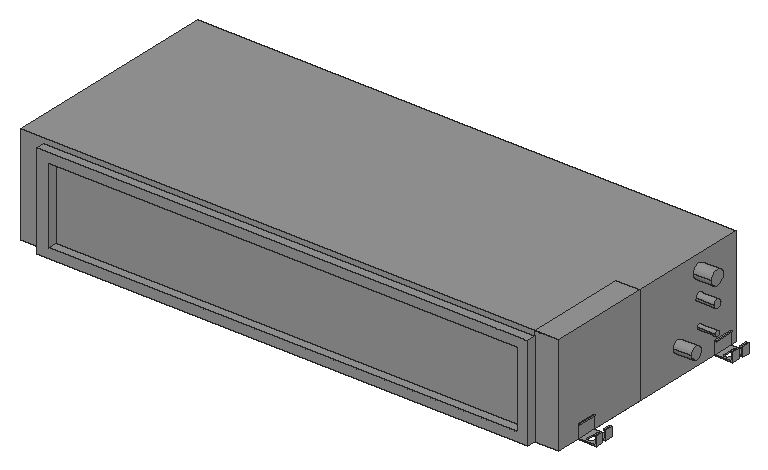
Revit family "Trane_TVR_Indoor_Medium static pressure_4TVD0024EF000AA(2nd DC)", category Equipamento mecânico, Revit 2019
Family settings
  Cota do conector redondo = Utilizar diâmetro
  Tipo de parte = Normal
  Número OmniClass = 23.75.00.00
  Título OmniClass = Climate Control (HVAC)
  Com base no plano de trabalho = Não
  Sempre na vertical = Sim
  Corte com vazios quando carregada = Não
  Compartilhado = Não
  Ponto de cálculo do ambiente = Não
Parameters (values of type "4TVD0024EF000AA")
  clearance access right = 600.000 mm
  clearance access left = 500.000 mm
  clearance access front = 0.000 mm
  clearance access behind = 0.000 mm
  clearance [instance] = no
  Width = 1220.000 mm
  URL = "https://www.trane.com/commercial/latin-america/br/pt.html"
  Series = "TVR ULTRA"
  Power supply = "220-240V ~50/60Hz"
  Net Weight = 27.50 kg
  Modelo = "4TVD0024EF000AA"
  Minimum Circuit Amps = 1.1 A
  Maximum Fuse Amps = 15 A
  Fabricante = "Trane"
  Machine material = grilles：ABS/HIPS
  Liquid pipe = 9.530 mm
  Installation = "Indoor installation"
  Height = 210.000 mm
  Heating Power Input = 98 W
  Heating Capacity = 8.00 kW
  Gas pipe = 15.900 mm
  Gas = "R410a"
  Descrição = "High efficiency air cooled"
  Depth = 500.000 mm
  Cooling Power Input = 98 W
  Cooling Capacity = 7.10 kW
  Condensation = "air"
  Air  Flow = "1000/960/900/840/780/720/680"
Reference planes
  plane 1 "Center(front/bcak)": y = 0
  plane 2: z = 0
  plane 3 "Center(Left/Right)": x = 0
  plane 4: z = 210
  plane 5: x = 570
Forms (mm)
  Extrusion 1, solid, material "grilles：ABS/HIPS" <- "Machine material", detail levels medium+fine
    sketch origin (0, 0, 0) x (1, 0, 0) y (0, 1, 0)
      loop
        line (0, 235) -> (-570, 235) -> (-570, -235) -> (570, -235) -> (570, 235) -> (0, 235)
    from 0 to 210
  Extrusion 2, solid, material "grilles：ABS/HIPS" <- "Machine material", detail levels fine
    sketch origin (0, 0, 0) x (1, 0, 0) y (0, 0, 1)
      loop
        line (-520, 200) -> (-520, 0) -> (520, 0) -> (520, 200) -> (-520, 200)
      loop
        line (-494.7, 180) -> (-494.7, 20) -> (499.257, 20) -> (499.257, 180) -> (-494.7, 180)
    from 235 to 255
  Extrusion 3, solid, material "grilles：ABS/HIPS" <- "Machine material", detail levels fine
    sketch origin (0, 510, 0) x (1, 0, 0) y (0, 0, 1)
      loop
        line (-475, 200) -> (-475, 0) -> (475, 0) -> (475, 200) -> (-475, 200)
      loop
        line (-469.298, 195.027) -> (-469.298, 5.508) -> (469.287, 5.508) -> (469.287, 195.027) -> (-469.298, 195.027)
    from 265 to 275
  Extrusion 4, solid, material "grilles：ABS/HIPS" <- "Machine material", detail levels fine
    sketch origin (0, 0, 0) x (0, 1, 0) y (0, 0, 1)
      loop
        circle (135, 180) r 15
    from 570 to 610
  Extrusion 5, solid, material "grilles：ABS/HIPS" <- "Machine material", detail levels fine
    sketch origin (0, 0, 0) x (0, 1, 0) y (0, 0, 1)
      loop
        circle (135, 130.396) r 7.95
    from 570 to 610
  Extrusion 6, solid, material "grilles：ABS/HIPS" <- "Machine material", detail levels fine
    sketch origin (0, 0, 0) x (0, 1, 0) y (0, 0, 1)
      loop
        circle (135, 73.557) r 4.765
    from 570 to 610
  Extrusion 7, solid, material "grilles：ABS/HIPS" <- "Machine material", detail levels fine
    sketch origin (0, 0, 0) x (0, 1, 0) y (0, 0, 1)
      loop
        circle (79.212, 61.022) r 12.5
    from 570 to 610
  Extrusion 8, solid, material "grilles：ABS/HIPS" <- "Machine material", detail levels fine
    sketch origin (0, 0, 0) x (1, 0, 0) y (0, 0, 1)
      loop
        line (570, 0) -> (570, 210) -> (520, 210) -> (520, 0) -> (570, 0)
    from 20 to 235
  Extrusion 9, solid, material "grilles：ABS/HIPS" <- "Machine material", detail levels fine
    sketch origin (0, 0, 0) x (0, 1, 0) y (0, 0, 1)
      loop
        circle (-154.402, 140.106) r 49
    from -570 to -535.482
Lines and regions (mm)
  model lines, detail levels fine
    curve 1: line (-494.7, -255, 180) -> (499.257, -255, 180)
    curve 2: line (-494.7, -255, 20) -> (-494.7, -255, 180)
    curve 3: line (500.818, -255, 20) -> (-494.7, -255, 20)
    curve 4: line (-494.7, -255, 20) -> (-334.7, -255, 180)
    curve 5: line (-434.7, -255, 20) -> (-274.7, -255, 180)
    curve 6: line (-374.7, -255, 20) -> (-214.7, -255, 180)
    curve 7: line (-314.7, -255, 20) -> (-154.7, -255, 180)
    curve 8: line (-254.7, -255, 20) -> (-94.7, -255, 180)
    curve 9: line (-194.7, -255, 20) -> (-34.7, -255, 180)
    curve 10: line (-494.7, -255, 140) -> (-454.7, -255, 180)
    curve 11: line (-494.7, -255, 80) -> (-394.7, -255, 180)
    curve 12: line (10.998, -255, 20) -> (-149.002, -255, 180)
    curve 13: line (-49.002, -255, 20) -> (-209.002, -255, 180)
    curve 14: line (-109.002, -255, 20) -> (-269.002, -255, 180)
    curve 15: line (-169.002, -255, 20) -> (-329.002, -255, 180)
    curve 16: line (-229.002, -255, 20) -> (-389.002, -255, 180)
    curve 17: line (-289.002, -255, 20) -> (-449.002, -255, 180)
    curve 18: line (-349.002, -255, 20) -> (-494.7, -255, 165.698)
    curve 19: line (-409.002, -255, 20) -> (-494.7, -255, 105.698)
    curve 20: line (-469.002, -255, 20) -> (-494.7, -255, 45.698)
    curve 32: line (65.3, -255, 20) -> (-94.7, -255, 180)
    curve 34: line (125.3, -255, 20) -> (-34.7, -255, 180)
    curve 35: line (185.3, -255, 20) -> (25.3, -255, 180)
    curve 36: line (245.3, -255, 20) -> (85.3, -255, 180)
    curve 37: line (305.3, -255, 20) -> (145.3, -255, 180)
    curve 38: line (365.3, -255, 20) -> (205.3, -255, 180)
    curve 39: line (425.3, -255, 20) -> (265.3, -255, 180)
    curve 40: line (485.3, -255, 20) -> (325.3, -255, 180)
    curve 41: line (499.257, -255, 66.042) -> (385.3, -255, 180)
    curve 42: line (499.257, -255, 126.042) -> (445.3, -255, 180)
    curve 43: line (-134.7, -255, 20) -> (25.3, -255, 180)
    curve 44: line (-74.7, -255, 20) -> (85.3, -255, 180)
    curve 45: line (-14.7, -255, 20) -> (145.3, -255, 180)
    curve 46: line (45.3, -255, 20) -> (205.3, -255, 180)
    curve 47: line (105.3, -255, 20) -> (265.3, -255, 180)
    curve 48: line (165.3, -255, 20) -> (325.3, -255, 180)
    curve 49: line (225.3, -255, 20) -> (385.3, -255, 180)
    curve 50: line (285.3, -255, 20) -> (445.3, -255, 180)
    curve 51: line (345.3, -255, 20) -> (499.257, -255, 173.958)
    curve 52: line (405.3, -255, 20) -> (499.257, -255, 113.958)
    curve 53: line (465.3, -255, 20) -> (499.257, -255, 53.958)
  model lines
    curve 21: line (570, -235, 210) -> (-570, -235, 210)
    curve 22: line (-570, -235, 210) -> (-570, 235, 210)
    curve 23: line (-570, 235, 210) -> (570, 235, 210)
    curve 24: line (570, 235, 0) -> (-570, 235, 0)
    curve 25: line (-570, 235, 0) -> (-570, -235, 0)
    curve 26: line (-570, -235, 0) -> (570, -235, 0)
    curve 27: line (-570, -235, 210) -> (-570, -235, 0)
    curve 28: line (570, -235, 210) -> (570, 235, 210)
    curve 29: line (570, 235, 210) -> (570, 235, 0)
    curve 30: line (570, 235, 0) -> (570, -235, 0)
    curve 31: line (570, -235, 0) -> (570, -235, 210)
    curve 33: line (-570, 235, 210) -> (-570, 235, 0)
Dimensions and locks
  "Height": plane 4 to level
  "Depth": Extrusion 3 to Extrusion 2
  "Liquid pipe": diameter of Extrusion 6
  "Gas pipe": diameter of Extrusion 5
  aligned and locked: level to plane 2
Automatic sketch dimensions
  Extrusion 1 sketch curve to plane 3 "Center(Left/Right)" = 0.000 mm
  plane 1 "Center(front/bcak)" to Extrusion 1 sketch curve = 235.000 mm
  Extrusion 1 sketch curve to plane 3 "Center(Left/Right)" = 570.000 mm
  plane 3 "Center(Left/Right)" to Extrusion 1 sketch curve = 570.000 mm
  Extrusion 1 sketch curve to plane 1 "Center(front/bcak)" = 235.000 mm
  Extrusion 2 sketch curve to level = 0.000 mm
  Extrusion 2 sketch curve to plane 3 "Center(Left/Right)" = 520.000 mm
  level to Extrusion 2 sketch curve = 20.000 mm
  Extrusion 2 sketch curve to Extrusion 2 sketch curve = 25.300 mm
  plane 4 to Extrusion 2 sketch curve = 30.000 mm
  plane 3 "Center(Left/Right)" to Extrusion 2 sketch curve = 499.257 mm
  plane 4 to Extrusion 2 sketch curve = 10.000 mm
  Extrusion 2 sketch curve to Extrusion 2 sketch curve = 20.743 mm
  Extrusion 3 sketch curve to level = 0.000 mm
  Extrusion 3 sketch curve to plane 3 "Center(Left/Right)" = 475.000 mm
  level to Extrusion 3 sketch curve = 5.508 mm
  Extrusion 3 sketch curve to Extrusion 3 sketch curve = 5.702 mm
  plane 4 to Extrusion 3 sketch curve = 14.973 mm
  plane 3 "Center(Left/Right)" to Extrusion 3 sketch curve = 469.287 mm
  Extrusion 3 sketch curve to Extrusion 3 sketch curve = 5.713 mm
  Extrusion 3 sketch curve to Extrusion 3 sketch curve = 4.973 mm
  plane 4 to Extrusion 4 sketch curve = 30.000 mm
  Extrusion 4 sketch curve to plane 1 "Center(front/bcak)" = 135.000 mm
  Extrusion 5 sketch curve to plane 1 "Center(front/bcak)" = 135.000 mm
  plane 4 to Extrusion 5 sketch curve = 79.604 mm
  Extrusion 6 sketch curve to plane 1 "Center(front/bcak)" = 135.000 mm
  level to Extrusion 6 sketch curve = 73.557 mm
  Extrusion 7 sketch curve to plane 1 "Center(front/bcak)" = 79.212 mm
  level to Extrusion 7 sketch curve = 61.022 mm
  curve 21 to Extrusion 1 = 0.000 mm  (x3)
  curve 22 to Extrusion 1 = 0.000 mm
  curve 23 to Extrusion 1 = 0.000 mm
  curve 24 to Extrusion 1 = 0.000 mm  (x2)
  curve 25 to Extrusion 1 = 0.000 mm  (x2)
  curve 26 to Extrusion 1 = 0.000 mm
  curve 27 to Extrusion 1 = 0.000 mm  (x3)
  Extrusion 1 to curve 28 = 0.000 mm
  curve 28 to Extrusion 1 = 0.000 mm
  curve 30 to Extrusion 1 = 0.000 mm  (x2)
  Extrusion 8 sketch curve to level = 0.000 mm
  Extrusion 8 sketch curve to plane 4 = 0.000 mm
  plane 3 "Center(Left/Right)" to Extrusion 8 sketch curve = 520.000 mm
  Extrusion 8 sketch curve to Extrusion 8 sketch curve = 50.000 mm
  plane 4 to Extrusion 9 sketch curve = 69.894 mm
  plane 1 "Center(front/bcak)" to Extrusion 9 sketch curve = 154.402 mm
  curve 33 to Extrusion 1 = 0.000 mm  (x3)
  curve 1 to Extrusion 2 = 0.000 mm  (x2)
  curve 43 to Extrusion 2 = 0.000 mm
  curve 3 to Extrusion 2 = 0.000 mm
  Extrusion 2 to curve 41 = 0.000 mm
  Extrusion 2 to curve 51 = 0.000 mm
  Extrusion 2 to curve 42 = 0.000 mm
  Extrusion 2 to curve 52 = 0.000 mm
  Extrusion 2 to curve 53 = 0.000 mm
  Extrusion 2 to curve 43 = 473.958 mm
  curve 2 to curve 20 = 25.698 mm  (x2)
  curve 1 to curve 10 = 40.000 mm
  curve 10 to curve 17 = 5.698 mm
  curve 20 to curve 5 = 34.302 mm
  curve 5 to curve 19 = 25.698 mm
  curve 17 to curve 11 = 54.302 mm
  curve 11 to curve 16 = 5.698 mm
  curve 19 to curve 6 = 34.302 mm
  curve 6 to curve 18 = 25.698 mm
  curve 16 to curve 4 = 54.302 mm
  curve 4 to curve 15 = 5.698 mm
  curve 18 to curve 7 = 34.302 mm
  curve 7 to curve 17 = 25.698 mm
  curve 15 to curve 5 = 54.302 mm
  curve 5 to curve 14 = 5.698 mm
  curve 17 to curve 8 = 34.302 mm
  curve 8 to curve 16 = 25.698 mm
  curve 14 to curve 6 = 54.302 mm
  curve 6 to curve 13 = 5.698 mm
  curve 16 to curve 9 = 34.302 mm
  curve 9 to curve 15 = 25.698 mm
  curve 13 to curve 7 = 54.302 mm
  curve 7 to curve 12 = 5.698 mm
  curve 15 to curve 43 = 34.302 mm
  curve 43 to curve 14 = 25.698 mm
  curve 12 to curve 8 = 54.302 mm
  curve 32 to curve 8 = 0.000 mm
  curve 14 to curve 44 = 34.302 mm
  curve 44 to curve 13 = 25.698 mm
  curve 8 to curve 9 = 60.000 mm
  curve 34 to curve 9 = 0.000 mm
  curve 13 to curve 45 = 34.302 mm
  curve 45 to curve 12 = 25.698 mm
  curve 12 to curve 46 = 34.302 mm
  curve 46 to curve 32 = 20.000 mm
  curve 35 to curve 44 = 60.000 mm
  curve 36 to curve 44 = 0.000 mm
  curve 32 to curve 47 = 40.000 mm
  curve 47 to curve 34 = 20.000 mm
  curve 36 to curve 37 = 60.000 mm
  curve 45 to curve 37 = 0.000 mm
  curve 48 to curve 35 = 20.000 mm
  curve 37 to curve 38 = 60.000 mm
  curve 46 to curve 38 = 0.000 mm
  curve 35 to curve 49 = 40.000 mm
  curve 49 to curve 36 = 20.000 mm
  curve 38 to curve 39 = 60.000 mm
  curve 47 to curve 39 = 0.000 mm
  curve 36 to curve 50 = 40.000 mm
  curve 50 to curve 37 = 20.000 mm
  curve 39 to curve 40 = 60.000 mm
  curve 48 to curve 40 = 0.000 mm
  curve 37 to curve 51 = 40.000 mm
  curve 51 to curve 38 = 20.000 mm
  curve 40 to curve 41 = 60.000 mm
  curve 49 to curve 41 = 0.000 mm
  curve 38 to curve 52 = 40.000 mm
  curve 52 to curve 39 = 20.000 mm
  Extrusion 2 to curve 50 = 53.958 mm
  curve 42 to curve 50 = 0.000 mm
  Extrusion 2 to curve 53 = 33.958 mm  (x2)
  Extrusion 2 to curve 40 = 13.958 mm
  curve 3 to Extrusion 2 = 1.561 mm
  curve 53 to curve 41 = 12.085 mm
  curve 20 to curve 11 = 34.302 mm
  curve 11 to curve 19 = 25.698 mm
  curve 41 to curve 52 = 47.915 mm
  curve 52 to curve 42 = 12.085 mm
  curve 19 to curve 10 = 34.302 mm
  Extrusion 2 to curve 18 = 14.302 mm
  Extrusion 2 to curve 51 = 6.042 mm
  radius of Extrusion 4 sketch curve = 15.000 mm
  radius of Extrusion 5 sketch curve = 7.950 mm
  radius of Extrusion 6 sketch curve = 4.765 mm
  radius of Extrusion 7 sketch curve = 12.500 mm
  radius of Extrusion 9 sketch curve = 49.000 mm
Nested families
  nested 1: "Beautiful-Lagou" at (570, -185, 0) x (0, 1, 0) z (0, 0, 1), type "Lagou-HXL", detail levels fine
  nested 2: "Beautiful-Lagou" at (570, 176.991, 0) x (0, 1, 0) z (0, 0, 1), type "Lagou-HXL", detail levels fine
  nested 3: "Beautiful-Lagou" at (-570, 216.991, 0) x (0, -1, 0) z (0, 0, 1), type "Lagou-HXL", detail levels fine
  nested 4: "Beautiful-Lagou" at (-570, -145, 0) x (0, -1, 0) z (0, 0, 1), type "Lagou-HXL", detail levels fine
Connectors
  piping at (610, 79.212, 61.022), diameter 25
    settings: on Extrusion 7, index 11, connector inside diameter 25 mm, connector length 0.000 mm, flow factor 0, pipe flow 0.0 m³/h, pressure drop 0.0 Pa, fitting loss kfactor 0, connector angle 0.00°, fixture units 0, engagement length 0.000 mm, angle of deflection 0.00°, flow configuration 1, flow direction 2, fitting loss method 0, system type 29, joint type 0, gender type 0, connector reference index -1, connector utility 0, adjustable connector no, is connector primary yes, connector description "Drain pipe OD Φ 25mm"
  piping at (610, 135, 73.557), diameter 9.53
    settings: on Extrusion 6, index 16, connector inside diameter 9.53 mm, connector length 0.000 mm, flow factor 0, pipe flow 0.0 m³/h, pressure drop 0.0 Pa, fitting loss kfactor 0, connector angle 0.00°, fixture units 0, engagement length 0.000 mm, angle of deflection 0.00°, flow configuration 1, flow direction 0, fitting loss method 4, system type 22, joint type 0, gender type 0, connector reference index -1, connector utility 0, adjustable connector no, is connector primary no, connector description "Liquid pipe Φ9.53mm"
  piping at (610, 135, 130.396), diameter 15.9
    settings: on Extrusion 5, index 17, connector inside diameter 15.9 mm, connector length 0.000 mm, flow factor 0, pipe flow 0.0 m³/h, pressure drop 0.0 Pa, fitting loss kfactor 0, connector angle 0.00°, fixture units 0, engagement length 0.000 mm, angle of deflection 0.00°, flow configuration 1, flow direction 0, fitting loss method 4, system type 22, joint type 0, gender type 0, connector reference index -1, connector utility 0, adjustable connector no, is connector primary no, connector description "Gas pipe Φ15.9mm"
  electrical at (570, -127.5, 105)
    settings: on Extrusion 8, index 18, voltage 220 V, apparent load 0 VA, apparent load phase1 0 VA, apparent load phase2 0 VA, apparent load phase3 0 VA, power factor 1, load classification "Other", number of poles 1, system type 30, power factor state 1, is connector primary yes, connector utility no, sub classification motor no, connector description "The location of electrical connectors is not the same as the actual location because the wiring terminal is inside the unit."
  hvac at (-570, -154.402, 140.106)
    settings: on Extrusion 9, index 21, duct flow 0.0 m³/h, flow factor 0, pres drop 0.0 Pa, loss coef 0, conn angle 0.00°, conn width 304.8 mm, conn height 304.8 mm, conn diameter 98 mm, duct sys type 4, conn prof type 0, flow config 0, flow direction 0, loss method 0, conn ref index -1, conn util no, is conn primary yes, conn desc ""
  hvac at (0, -255, 100)
    settings: on Extrusion 2, index 22, duct flow 0.0 m³/h, flow factor 0, pres drop 0.0 Pa, loss coef 0, conn angle 0.00°, conn width 952 mm, conn height 147 mm, conn diameter 609.6 mm, duct sys type 1, conn prof type 1, flow config 0, flow direction 0, loss method 0, conn ref index -1, conn util no, is conn primary no, conn desc ""
  hvac at (0, 245, 100)
    settings: on Extrusion 3, index 23, duct flow 0.0 m³/h, flow factor 0, pres drop 0.0 Pa, loss coef 0, conn angle 0.00°, conn width 952 mm, conn height 147 mm, conn diameter 609.6 mm, duct sys type 1, conn prof type 1, flow config 0, flow direction 0, loss method 0, conn ref index -1, conn util no, is conn primary no, conn desc ""
Definition of nested family "Beautiful-Lagou"
  Parameters
    Manufacturer = "HXL"
    Machine material = none
  Reference planes
    plane 1 "Center (Front/Back)": y = 0
    plane 2: z = 0
    plane 3 "Center (Left/Right)": x = 0
  Forms (mm)
    Extrusion 1, solid, material <- "Machine material"
      sketch origin (0, 0, 0) x (0, 1, 0) y (0, 0, 1)
        loop
          line (0, 0) -> (0, 20) -> (0, 30) -> (-5, 30) -> (-5, 28) -> (-2, 28) -> (-2, 2) -> (-38, 2) -> (-38, 18) -> (-35, 18) -> (-35, 20) -> (-38, 20) -> (-40, 20) -> (-40, 0) -> (0, 0)
      from 0 to 40
    Extrusion 2, void
      sketch origin (0, 0, 0) x (1, 0, 0) y (0, 1, 0)
        loop
          arc (10, -14) -> (4, -20) -> (10, -26) r 6
          line (10, -26) -> (30, -26)
          arc (30, -26) -> (36, -20) -> (30, -14) r 6
          line (30, -14) -> (10, -14)
      from 0 to 2
    Extrusion 3, void
      sketch origin (0, 0, 0) x (1, 0, 0) y (0, 1, 0)
        loop
          line (15, -26) -> (15, -40) -> (25, -40) -> (25, -26) -> (15, -26)
      from 0 to 250
  Cuts and joins
    Extrusion 2, Extrusion 3 cuts Extrusion 1
  Dimensions and locks
    aligned and locked: level to plane 2
